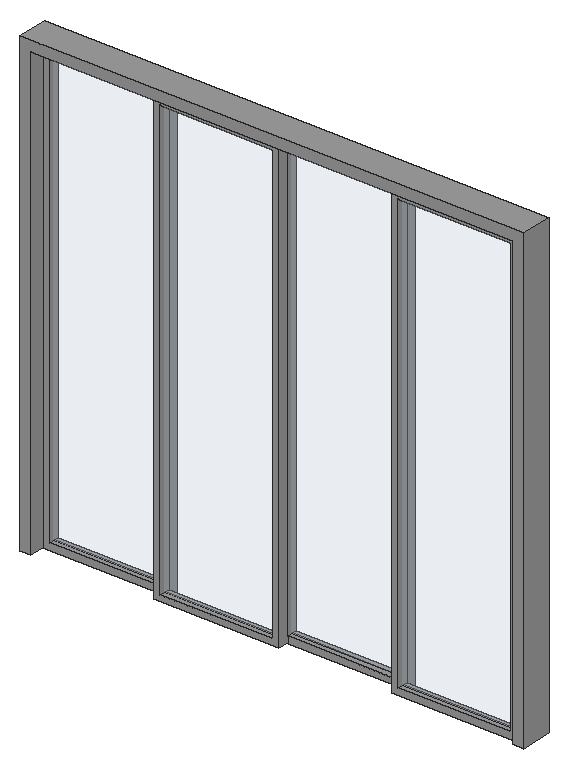
Revit family "AGRV_Door_GlassSlidingQuadruple _四落地窗門", category Doors, host Wall, Revit 2018
Family settings
  Host = Wall
  OmniClass Number = 23.30.10.00
  OmniClass Title = Doors
  Always vertical = Yes
  Cut with Voids When Loaded = No
  Shared = No
  Room Calculation Point = No
Parameters
  _DistributedBy_發布地址 = "AgileRevit.com"
  _CurrentRevision_目前版本 = "α"
  _CreatedBy_建模者 = "IAN"
  _AuthorizedBy_授權 = "AgileRevit"
  _Author_作者 = "AgileRevit"
  W1 = 30 mm
  Thickness = 30 mm
  THK = 50 mm
  NetWHalfPlus = NetW / 4 + W1 * 3 / 4  # 597.5 mm
  NetW = Width - THK * 2  # 2300 mm
  NetH = Height - THK  # 2150 mm
  Material_1 = Glass
  Material = Aluminum, Anodized Black
  GlassTHK = 6 mm
  Function = Interior
  Height = 2200 mm
  Wall Closure = By host
  Width = 2400 mm
  D1 = 50 mm
Reference planes
  plane 1 "Center": y = 0
  plane 2 "Center (Left/Right)": x = 0
  plane 3 "Left": x = -1200
  plane 4 "Right": x = 1200
  plane 5 "TOP": z = 2200
  plane 6 "Exterior": y = 75
  plane 7 "Interior": y = -75
  plane 8: x = 1150
  plane 9: x = -1150
  plane 10: z = 2150
  plane 11: x = -15
  plane 12: x = 15
Forms (mm)
  Sweep 1, solid, material "Aluminum, Anodized Black" <- "Material"
    path origin (0, 0, 0) x (1, 0, 0) y (0, 0, 1)
      loop
        line (1200, 0) -> (1200, 2200) -> (-1200, 2200) -> (-1200, 0)
    profile origin (1200, 0, 1100) x (-1, 0, 0) y (0, -1, 0)
      loop
        line (0, -75) -> (50, -75) -> (50, 75) -> (0, 75) -> (0, -75)
Lines and regions (mm)
  Opening 1
    outline origin (-3050, -75, 0) x (1, 0, 0) y (0, 0, 1)
      loop
        line (1850, 0) -> (4250, 0) -> (4250, 2200) -> (1850, 2200) -> (1850, 0)
  model lines, style "Plan Swing"
    curve 1: line (1150, 50, 0) -> (-1150, 50, 0)
    curve 2: line (-1150, -50, 0) -> (1150, -50, 0)
Text (mm)
  text "Exterior" at (-2295.016, 1099.543, 0), in view "Ref. Level"
  text "Exterior" at (0, 1615.38, 3698.081), in view "Left"
  text "Exterior" at (0, 1036.032, 3874.932), in view "Right"
  text "Frame\nMaterial : Aluminum, Anodized Black\n\nGlass\nMaterial_1 :  Glass" at (2682.422, -1429.123, 3283.393), in view "GUIDE"
  text "材料設定參數 Material Parameters" at (2574.981, -1536.563, 3498.274), in view "GUIDE"
  text "AGRV_Door_GlassSlidingQuadruple\n_四落地窗門.rfa" at (2140.064, -1971.48, 4368.107), in view "GUIDE"
  text "Panel Parameter Guide \nW1 : Frame Width\nD1 : Frame Thickness\nGlassTHK : Glass Thickness \n\n門片參數說明\nW1 : 門框面寬\nD1 : 門框厚度(深度)\nGlassTHK : 玻璃厚度" at (3304.042, -807.502, 2040.152), in view "GUIDE"
Dimensions and locks
  equal spacing: plane 3 "Left", plane 2 "Center (Left/Right)", plane 4 "Right"
  "Width": plane 3 "Left" to plane 4 "Right"
  "Height": plane 5 "TOP" to host wall
  host wall to plane 10 = 2150 mm
  host wall to plane 5 "TOP" = 2200 mm
  locked: plane 6 "Exterior" to host wall at 0
  locked: plane 7 "Interior" to host wall
  "THK": plane 8 to plane 4 "Right"
  "THK": plane 3 "Left" to plane 9
  "THK": plane 10 to plane 5 "TOP"
  "Width": Sweep 1 to Sweep 1
  "THK": Sweep 1 to Sweep 1  (x3)
  "Height": Sweep 1 to Sweep 1
  "D1": curve 1 to plane 1 "Center"
  "D1": curve 2 to plane 1 "Center"
  equal spacing: plane 11, plane 2 "Center (Left/Right)", plane 12
  "W1": plane 11 to plane 12
  aligned and locked: plane 3 "Left" to Opening 1 sketch curve
  aligned and locked: plane 5 "TOP" to Opening 1 sketch curve  (x2)
  aligned and locked: Opening 1 sketch curve to plane 4 "Right"
  aligned and locked: Opening 1 sketch curve to level
  aligned and locked: plane 1 "Center" to host wall
  aligned and locked: Sweep 1 sketch curve to plane 3 "Left"
  aligned and locked: plane 4 "Right" to Sweep 1 sketch curve
  aligned and locked: plane 5 "TOP" to Sweep 1 sketch curve
  aligned and locked: level to Sweep 1 sketch curve  (x2)
  aligned and locked: plane 7 "Interior" to Sweep 1 sketch curve
  aligned and locked: Sweep 1 sketch curve to plane 8
  aligned and locked: plane 8 to nested 1
  aligned and locked: plane 9 to nested 2
  aligned and locked: plane 8 to curve 2
  aligned and locked: plane 8 to curve 1
  aligned and locked: plane 9 to curve 2
  aligned and locked: plane 9 to curve 1
  aligned and locked: plane 1 "Center" to nested 2
  aligned and locked: plane 12 to nested 3
  aligned and locked: nested 1 to plane 1 "Center"
  aligned and locked: plane 11 to nested 4
  aligned and locked: plane 1 "Center" to nested 4
Automatic sketch dimensions
  Sweep 1 sketch curve to profile plane = 0 mm
  Sweep 1 sketch curve to plane 1 "Center" = 75 mm
Nested families
  nested 1: "AGRV_DOOR_PanelA_門片A" at (1150, -25, 0), type "Default"
    with Width 597.5 mm, W1 30 mm, Height 2150 mm
  nested 2: "AGRV_DOOR_PanelA_門片A" at (-1150, 25, 0) x (-1, 0, 0) z (0, 0, 1), type "Default"
    with Width 597.5 mm, W1 30 mm, Height 2150 mm
  nested 3: "AGRV_DOOR_PanelA_門片A" at (-582.5, -25, 0) x (-1, 0, 0) z (0, 0, 1), type "Default"
    with Width 597.5 mm, W1 30 mm, Height 2150 mm
  nested 4: "AGRV_DOOR_PanelA_門片A" at (-15, 25, 0) x (-1, 0, 0) z (0, 0, 1), type "Default"
    with Width 597.5 mm, W1 30 mm, Height 2150 mm
Definition of nested family "AGRV_DOOR_PanelA_門片A"
  Parameters (values of type "Default")
    _DistributedBy_發布地址 = "AgileRevit.com"
    _CurrentRevision_目前版本 = "α"
    _CreatedBy_建模者 = "IAN"
    _AuthorizedBy_授權 = "AgileRevit"
    _Author_作者 = "AgileRevit"
    Width = 900 mm
    W1 = 50 mm
    Thickness = 50 mm
    THKB = -THK / 2  # -3 mm
    THKA = THK / 2  # 3 mm
    THK = 6 mm
    Material_1 = none
    Material = none
    Height = 2100 mm
    D1 = 50 mm
    Assembly Code = ""
    Analytic Construction = "<None>"
  Reference planes
    plane 1 "Center (Front/Back)": y = 0
    plane 2: z = 0
    plane 3 "Center (Left/Right)": x = 0
    plane 4: x = -900
    plane 5: y = 25
    plane 6: y = -25
    plane 7: x = -450
  Forms (mm)
    Sweep 1, solid, material <- "Material"
      path origin (0, 0, 0) x (1, 0, 0) y (0, 0, 1)
        loop
          line (-900, 2100) -> (-900, 0) -> (0, 0) -> (0, 2100) -> (-900, 2100)
      profile origin (-450, 0, 2100) x (0, 0, 1) y (0, -1, 0)
        loop
          line (0, -25) -> (0, 25) -> (-50, 25) -> (-50, -25) -> (0, -25)
    Extrusion 2, solid, material <- "Material_1"
      sketch origin (0, 0, 0) x (1, 0, 0) y (0, 0, 1)
        loop
          line (-850, 2050) -> (-850, 50) -> (-50, 50) -> (-50, 2050) -> (-850, 2050)
      from -3 <- "THKB" to 3 <- "THKA"
  Text (mm)
    text "AGRV_DOOR_PanelA_門片A.rfa" at (-1129.766, -3355.741, 2358.72), in view "GUIDE"
    text "Frame\nMaterial : Aluminum, Anodized Black\n\nGlass\nMaterial_1 :  Glass" at (-764.392, -2990.367, 1627.972), in view "GUIDE"
    text "材料設定參數 Material Parameters" at (-871.832, -3097.807, 1842.853), in view "GUIDE"
  Dimensions and locks
    "Width": plane 4 to plane 3 "Center (Left/Right)"
    "Height": Sweep 1 sketch curve to level
    equal spacing: Sweep 1 sketch curve, profile plane, Sweep 1 sketch curve
    "D1": Sweep 1 sketch curve to Sweep 1 sketch curve
    "W1": Sweep 1 sketch curve to profile plane
    "THK": Extrusion 2 to Extrusion 2
    "Width": Sweep 1 to Sweep 1
    "Height": Sweep 1 to Sweep 1
    "W1": Sweep 1 to Sweep 1  (x4)
    "Thickness": plane 5 to plane 6
    equal spacing: plane 5, plane 1 "Center (Front/Back)", plane 6
    "D1": Sweep 1 to Sweep 1
    equal spacing: plane 4, plane 7, plane 3 "Center (Left/Right)"
    aligned and locked: Sweep 1 sketch curve to plane 4
    aligned and locked: Sweep 1 sketch curve to plane 3 "Center (Left/Right)"
    aligned and locked: plane 2 to Sweep 1 sketch curve
    aligned and locked: profile plane to Sweep 1 sketch curve
    aligned and locked: Extrusion 2 sketch curve to Sweep 1  (x4)
